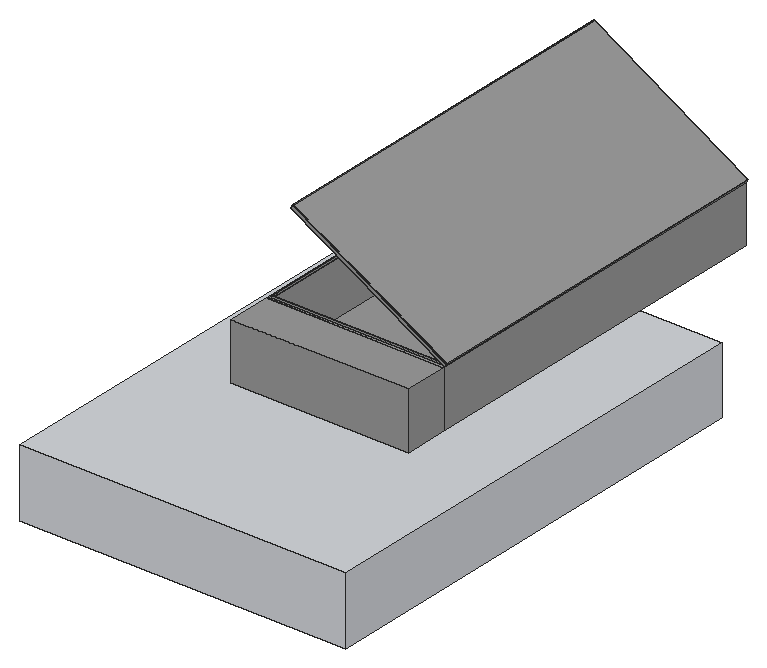
Revit family "Hager-Univers-IP55-D275-H1900-Cl.I-Steel_encl-CH-de", category Equipement électrique, Revit 2020
Family settings
  Hôte = Face
  Configuration du panneau = Deux colonnes, circuits au sein
  Cote de connecteur circulaire = Utiliser le diamètre
  Type d'élément = Tableau de raccordement
  Couper avec des vides une fois chargée = Non
  Partagée = Non
  Point de calcul de pièce = Non
Parameters (values of type "Bodenaufstellung IP55 B800 H1900 T275  - FR13E2")
  Width Control [instance] = if([EF000008 - Breite] > Min Width, [EF000008 - Breite], Min Width)  # 800 mm
  Commentaires du type = [HG000003 - Bereich]  # "Univers"
  Thickness Door [instance] = if([EF009171 - Materialstärke Tür/Deckel] > 3 mm, 3 mm, [EF009171 - Materialstärke Tür/Deckel])  # 1.5 mm
  Seal Frame Offset [instance] = 17 mm  # constant formula
  Plinth Visibility [instance] = [HG000027 - Sockelhöhe] > 0 mm  # yes
  Model = ""
  Min Width [instance] = 100 mm  # constant formula
  Min Height [instance] = 100 mm  # constant formula
  Min Depth [instance] = (2 * [EF009170 - Materialstärke Gehäuse]) + 1 mm  # 4 mm
  Internal Frame Depth [instance] = (Door System Depth * 0.5)  # 9 mm
  Height Control [instance] = if([EF000040 - Höhe] > Min Height, [EF000040 - Höhe], Min Height)  # 1900 mm
  HG000027 - Sockelhöhe = 200 mm
  HG000026 - Stehend auf dem Boden = yes
  HG000024 - Höhe des unteren Teils = 800 mm
  HG000023 - Gehäuse mit doppeltem Querschnitt = no
  HG000016 - 3D-Türsichtbarkeit [instance] = yes
  HG000015 - Sichtbarkeit der Türöffnung [instance] = no
  HG000014 - Tür rechts [instance] = yes
  HG000013 - Tür links [instance] = not([HG000014 - Tür rechts])  # no
  HG000012 - Türschwenkwinkel [instance] = 30.00°
  HG000010 - Asymmetrische Türen = no
  HG000009 - Doppelflügeligen Tür = no
  HG000006 - Unterputz = no
  HG000004 - Herstellerreferenz = "FR13E2"
  HG000003 - Bereich = "Univers"
  HG000002 - Mit tür = yes
  Frame Offset Bottom [instance] = 10 mm  # constant formula
  Frame Offset [instance] = 15 mm  # constant formula
  EF015940 - Deckel mit Überdruckentlastung = no
  EF011959 - Schutzart (NEMA) = ""
  EF009554 - Anzahl der Öffnungen für Flanschplatten = 6
  Fabricant = "Hager"  # constant formula
  EF009212 - Ausführung Deckel = "EV000116 - geschlossen"
  EF009171 - Materialstärke Tür/Deckel = 1.5 mm
  EF009170 - Materialstärke Gehäuse = 1.5 mm
  EF008873 - Nennstrom (In) = 800 A
  EF007800 - Geeignet für Blitzschutz = no
  EF006306 - Mit Schloss = no
  EF006244 - Transparenter Deckel/Tür = no
  EF005474 - Schutzart (IP) = "EV006420 - IP55"
  EF004464 - Art der Tür = "EV002646 - Einzel"
  EF004427 - Anzahl der Module = 396
  EF004293 - Schlagfestigkeit = "EV008784 - IK10"
  EF003532 - Geeignet für Außengebrauch = no
  EF002950 - Breite in Teilungseinheiten = 24
  EF001613 - Funktionserhalt = "EV000494 - ohne"
  EF001596 - Werkstoff des Gehäuses = "EV000179 - Stahl"
  EF001131 - Innentiefe = 275 mm
  EF001088 - Anbaumöglichkeit = yes
  EF000437 - Anzahl der Leitungseinführungen = 6
  EF000339 - Art der Abdeckung = "EV004216 - Tür"
  EF000266 - Anzahl der Reihen = 11
  EF000218 - Einbautiefe = 0 mm
  EF000118 - Mit Montageplatte = no
  EF000116 - RAL-Nummer = "7035"
  EF000049 - Tiefe = 275 mm
  EF000040 - Höhe = 1900 mm
  EF000008 - Breite = 800 mm
  EF000007 - Farbe = "EV000270 - grau"
  EF000003 - Montageart = "EV012274 - Bodenaufstellung"
  Door System Leaf Tolerance [instance] = 1.5 mm  # constant formula
  Door System Depth [instance] = 18 mm  # constant formula
  Door Height [instance] = Height Control - [HG000027 - Sockelhöhe]  # 1700 mm
  Depth Control [instance] = if([EF000049 - Tiefe] > Min Depth, [EF000049 - Tiefe], Min Depth)  # 275 mm
  Default Elevation = 0 mm
  Connector Offset [instance] = Height Control / 2  # 950 mm
  Bottom Top Plate Trim [instance] = 1.5 mm  # constant formula
  Plinth height Ctrl [instance] = if([HG000027 - Sockelhöhe] > 0 mm, [HG000027 - Sockelhöhe], 12 mm)  # 200 mm
Types (5, lengths in mm): name | Width Control | HG000010 - Asymmetrische Türen | HG000009 - Doppelflügeligen Tür | HG000004 - Herstellerreferenz | EF009554 - Anzahl der Öffnungen für Flanschplatten | EF004464 - Art der Tür | EF004427 - Anzahl der Module | EF000437 - Anzahl der Leitungseinführungen | EF000008 - Breite
  Bodenaufstellung IP55 B1050 H1900 T275  - FR14E2 | 1050 | yes | yes | "FR14E2" | 8 | "EV003602 - Doppel" | 528 | 8 | 1050
  Bodenaufstellung IP55 B1300 H1900 T275  - FR15E2 | 1300 | yes | yes | "FR15E2" | 10 | "EV003602 - Doppel" | 660 | 10 | 1300
  Bodenaufstellung IP55 B300 H1900 T275  - FR11E2 | 300 | no | no | "FR11E2" | 2 | "EV002646 - Einzel" | 132 | 2 | 300
  Bodenaufstellung IP55 B550 H1900 T275  - FR12E2 | 550 | no | no | "FR12E2" | 4 | "EV002646 - Einzel" | 264 | 4 | 550
  Bodenaufstellung IP55 B800 H1900 T275  - FR13E2 | 800 | no | no | "FR13E2" | 6 | "EV002646 - Einzel" | 396 | 6 | 800
Reference planes
  plane 1 "Center (Front/Back)": y = 0
  plane 2: z = 0
  plane 3 "Center (Left/Right)": x = 0
  plane 4: z = 275
  plane 5: y = 201.5
  plane 6: y = 1050
  plane 7: y = 200
  plane 8: y = 1900
  plane 9: z = 0
  plane 10: x = -385
  plane 11: x = 385
  plane 12: x = 383.5
  plane 13: x = -383.5
  plane 14: y = 1898.5
  plane 15: x = -383
  plane 16: x = -400
  plane 17: x = 383
  plane 18: x = 400
  plane 19: x = 398.5
  plane 20: x = -398.5
  plane 21: y = 211.5
  plane 22: y = 1900
  plane 23: y = 1883.5
  plane 24: z = 257
  plane 25: z = 1.5
  plane 26: z = 255.5
  plane 27: z = 273.5
Forms (mm)
  Extrusion 1, solid
    sketch origin (0, 0, 0) x (1, 0, 0) y (0, 1, 0)
      loop
        line (-702.964, 1305) -> (-702.964, -811.445) -> (766.763, -811.445) -> (766.763, 1305) -> (-702.964, 1305)
    from 0 to -304.8
  Extrusion 2, solid, material "Hager_Steel_RAL7035_Light_Grey", visible <- "Plinth Visibility", detail levels medium+fine
    sketch origin (0, 0, 0) x (1, 0, 0) y (0, 1, 0)
      loop
        line (-400, 0) -> (400, 0) -> (400, 200) -> (-400, 200) -> (-400, 0)
    from 0 to 257
  Extrusion 3, solid, material "Hager_Steel_RAL7035_Light_Grey", detail levels medium+fine
    sketch origin (0, 0, 0) x (1, 0, 0) y (0, 1, 0)
      loop
        line (-400, 200) -> (400, 200) -> (400, 1900) -> (-400, 1900) -> (-400, 200)
    from 0 to 257
  Extrusion 4, void
    sketch origin (0, 0, 0) x (1, 0, 0) y (0, 1, 0)
      loop
        line (-398.5, 201.5) -> (398.5, 201.5) -> (398.5, 1898.5) -> (-398.5, 1898.5) -> (-398.5, 201.5)
    from 1.5 to 255.5
  Extrusion 5, void
    sketch origin (-381.607, -4572, 257) x (0, -1, 0) y (-1, 0, 0)
      loop
        line (-4783.5, 1.893) -> (-6455.5, 1.893) -> (-6455.5, -765.107) -> (-4783.5, -765.107) -> (-4783.5, 1.893)
    from 0 to 1.5 <- "EF009170 - Materialstärke Gehäuse"
  Extrusion 6, solid, material "Hager_Steel_RAL7035_Light_Grey", detail levels fine
    sketch origin (0, 0, 257) x (1, 0, 0) y (0, 1, 0)
      loop
        line (-383.5, 1883.5) -> (-383.5, 211.5) -> (383.5, 211.5) -> (383.5, 1883.5) -> (-383.5, 1883.5)
      loop
        line (-385, 210) -> (385, 210) -> (385, 1885) -> (-385, 1885) -> (-385, 210)
    from 0 to 9 <- "Internal Frame Depth"
  Extrusion 7, solid, material "Hager_Steel_RAL7035_Light_Grey", detail levels coarse
    sketch origin (0, 0, 0) x (1, 0, 0) y (0, 1, 0)
      loop
        line (-400, 0) -> (400, 0) -> (400, 1900) -> (-400, 1900) -> (-400, 0)
    from 0 to 275
  Sweep 8, void
    path in 3D
      loop
        line (-400, 200, 0) -> (400, 200, 0) -> (400, 200, 257) -> (-400, 200, 257) -> (-400, 200, 0)
    profile origin (-400, 200, 128.5) x (-1, 0, 0) y (0, -1, 0)
      loop
        line (0, 0) -> (0, 1.5) -> (-1.5, 1.5)
        arc (-1.5, 1.5) -> (-1.061, 0.439) -> (0, 0) r 1.5
Cuts and joins
  Extrusion 4, Extrusion 5 cuts Extrusion 3
  Sweep 8 cuts Extrusion 2
Lines and regions (mm)
  Masking region 1
    outline origin (0, 0, 0) x (1, 0, 0) y (0, 0, 1)
      loop
        line (-400, 275) -> (-400, 0) -> (400, 0) -> (400, 275) -> (-400, 275)
  Masking region 2, detail levels medium+fine
    outline origin (0, 140, 0) x (0, 1, 0) y (0, 0, 1)
      loop
        line (60, 0) -> (1760, 0) -> (1760, 257) -> (60, 257) -> (60, 0)
  Masking region 3, not visible, detail levels medium+fine
    outline origin (0, 297.922, 0) x (0, 1, 0) y (0, 0, 1)
      loop
        line (763.578, 0) -> (803.578, 0) -> (803.578, 263.5)
        arc (803.578, 263.5) -> (800.649, 270.571) -> (793.578, 273.5) r 10
        line (793.578, 273.5) -> (763.578, 273.5) -> (763.578, 0)
  Masking region 4, detail levels coarse
    outline origin (0, 0, 180) x (0, 1, 0) y (0, 0, 1)
      loop
        line (0, -180) -> (1900, -180) -> (1900, 95) -> (0, 95) -> (0, -180)
  Masking region 5, visible <- "Plinth Visibility", detail levels medium+fine
    outline origin (0, 52.24, 12.345) x (0, 0, -1) y (0, 1, 0)
      loop
        line (10.845, 147.76) -> (-243.155, 147.76)
        arc (-243.155, 147.76) -> (-243.594, 146.699) -> (-244.655, 146.26) r 1.5
        line (-244.655, 146.26) -> (-244.655, -52.24) -> (12.345, -52.24) -> (12.345, 146.26)
        arc (12.345, 146.26) -> (11.285, 146.699) -> (10.845, 147.76) r 1.5
  Masking region 6, detail levels medium+fine
    outline origin (-381.607, -4572, 257) x (-1, 0, 0) y (0, -1, 0)
      loop
        line (18.393, -6472) -> (18.393, -4772) -> (-781.607, -4772) -> (-781.607, -6472) -> (18.393, -6472)
  Masking region 7, visible <- "Plinth Visibility", detail levels medium+fine
    outline origin (-381.607, -4727, 257) x (-1, 0, 0) y (0, -1, 0)
      loop
        arc (16.893, -4927) -> (17.332, -4925.939) -> (18.393, -4925.5) r 1.5
        line (18.393, -4925.5) -> (18.393, -4727) -> (-781.607, -4727) -> (-781.607, -4925.5)
        arc (-781.607, -4925.5) -> (-780.546, -4925.939) -> (-780.107, -4927) r 1.5
        line (-780.107, -4927) -> (16.893, -4927)
  Masking region 8, detail levels coarse
    outline origin (-442.548, -4669.526, 257) x (-1, 0, 0) y (0, -1, 0)
      loop
        line (-42.548, -6569.526) -> (-42.548, -4669.526) -> (-842.548, -4669.526) -> (-842.548, -6569.526) -> (-42.548, -6569.526)
  sketch lines
    curve 1: line (-400, 200, 257) -> (-400, 200, 0)
    curve 2: line (400, 200, 257) -> (-400, 200, 257)
    curve 3: line (400, 200, 257) -> (400, 200, 0)
    curve 4: line (-400, 200, 0) -> (400, 200, 0)
Dimensions and locks
  "Depth Control": plane 4 to Extrusion 1
  "HG000027 - Sockelhöhe": plane 1 "Center (Front/Back)" to plane 7
  "EF009170 - Materialstärke Gehäuse": plane 5 to plane 7
  locked: connector elem to plane 3 "Center (Left/Right)"
  equal spacing: plane 8, plane 6, plane 7
  locked: connector elem to plane 6
  "EF009170 - Materialstärke Gehäuse": plane 8 to plane 14
  "EF009170 - Materialstärke Gehäuse": plane 10 to plane 13
  "EF009170 - Materialstärke Gehäuse": plane 12 to plane 11
  "Frame Offset": plane 20 to plane 13
  "Frame Offset": plane 12 to plane 19
  "EF009170 - Materialstärke Gehäuse": plane 16 to plane 20
  "EF009170 - Materialstärke Gehäuse": plane 19 to plane 18
  "Seal Frame Offset": plane 16 to plane 15
  "Seal Frame Offset": plane 17 to plane 18
  "Frame Offset Bottom": plane 21 to plane 5
  "Frame Offset": plane 14 to plane 23
  equal spacing: plane 16, plane 3 "Center (Left/Right)", plane 18
  "Width Control": plane 16 to plane 18
  "EF009170 - Materialstärke Gehäuse": plane 4 to plane 27
  "EF009170 - Materialstärke Gehäuse": plane 24 to plane 26
  "EF009170 - Materialstärke Gehäuse": plane 25 to level
  "Door System Depth": plane 4 to plane 24
  "Height Control": plane 1 "Center (Front/Back)" to Extrusion 7 sketch curve
  "Height Control": Masking region 4 sketch curve to plane 1 "Center (Front/Back)"
  "Height Control": plane 1 "Center (Front/Back)" to plane 22
  "Bottom Top Plate Trim": profile plane to Sweep 8 sketch curve
  "Bottom Top Plate Trim": Sweep 8 sketch curve to profile plane
  "Plinth height Ctrl": plane 1 "Center (Front/Back)" to Extrusion 2 sketch curve
  "Plinth height Ctrl": Masking region 5 sketch curve to plane 1 "Center (Front/Back)"
  "Plinth height Ctrl": plane 1 "Center (Front/Back)" to Masking region 7 sketch curve
  "Thickness Door": Extrusion 6 sketch curve to Extrusion 6 sketch curve  (x3)
  "Thickness Door": cut or joined group of Extrusion 3, Extrusion 4, Extrusion 5 to Extrusion 6 sketch curve
  radius of Masking region 3 sketch curve = 10 mm
  "Bottom Top Plate Trim": radius of Masking region 5 sketch curve  (x2)
  "Bottom Top Plate Trim": radius of Sweep 8 sketch curve
  "Bottom Top Plate Trim": radius of Masking region 7 sketch curve  (x2)
  aligned and locked: plane 2 to Extrusion 1
  aligned and locked: level to Extrusion 1
  aligned and locked: level to Masking region 1 sketch curve
  aligned and locked: Masking region 1 sketch curve to plane 18
  aligned and locked: Masking region 1 sketch curve to plane 16
  aligned and locked: plane 7 to Masking region 2 sketch curve
  aligned and locked: level to Masking region 3 sketch curve
  aligned and locked: Masking region 3 sketch curve to plane 27
  aligned and locked: level to Masking region 2 sketch curve
  aligned and locked: plane 1 "Center (Front/Back)" to Extrusion 2 sketch curve
  aligned and locked: Extrusion 3 sketch curve to plane 7
  aligned and locked: plane 16 to Extrusion 3 sketch curve
  aligned and locked: plane 18 to Extrusion 3 sketch curve
  aligned and locked: plane 20 to Extrusion 4 sketch curve
  aligned and locked: plane 19 to Extrusion 4 sketch curve
  aligned and locked: Extrusion 4 sketch curve to plane 5
  aligned and locked: Extrusion 4 to plane 25
  aligned and locked: plane 26 to Extrusion 4
  aligned and locked: plane 24 to Extrusion 3
  aligned and locked: Extrusion 5 sketch curve to plane 21
  aligned and locked: Extrusion 5 sketch curve to plane 13
  aligned and locked: Extrusion 5 sketch curve to plane 12
  aligned and locked: plane 18 to Extrusion 7 sketch curve
  aligned and locked: plane 1 "Center (Front/Back)" to Extrusion 7 sketch curve
  aligned and locked: plane 16 to Extrusion 7 sketch curve
  aligned and locked: plane 4 to Extrusion 7
  aligned and locked: Extrusion 7 to level
  aligned and locked: level to Masking region 4 sketch curve
  aligned and locked: Masking region 4 sketch curve to plane 1 "Center (Front/Back)"
  aligned and locked: Masking region 4 sketch curve to plane 4
  aligned and locked: nested 1 to level
  aligned and locked: nested 1 to plane 16
  aligned and locked: plane 8 to Extrusion 3 sketch curve
  aligned and locked: plane 23 to Extrusion 5 sketch curve
  aligned and locked: plane 14 to Extrusion 4 sketch curve
  aligned and locked: Masking region 2 sketch curve to plane 8
  aligned and locked: level to Masking region 5 sketch curve
  aligned and locked: plane 16 to Extrusion 2 sketch curve
  aligned and locked: plane 18 to Extrusion 2 sketch curve
  aligned and locked: Masking region 5 sketch curve to plane 24
  aligned and locked: Masking region 2 sketch curve to plane 24
  aligned and locked: plane 24 to Extrusion 2
  aligned and locked: profile plane to Sweep 8 sketch curve  (x2)
  aligned and locked: Masking region 6 sketch curve to plane 18
  aligned and locked: Masking region 6 sketch curve to plane 22
  aligned and locked: Masking region 6 sketch curve to plane 16
  aligned and locked: plane 8 to plane 22
  aligned and locked: Masking region 6 sketch curve to plane 7
  aligned and locked: Masking region 7 sketch curve to plane 16
  aligned and locked: Masking region 7 sketch curve to plane 1 "Center (Front/Back)"
  aligned and locked: Masking region 7 sketch curve to plane 18
  aligned and locked: Masking region 8 sketch curve to plane 1 "Center (Front/Back)"
  aligned and locked: Masking region 8 sketch curve to plane 18
  aligned and locked: Masking region 8 sketch curve to plane 22
  aligned and locked: Masking region 8 sketch curve to plane 16
  aligned and locked: nested 2 to plane 7
  aligned and locked: plane 3 "Center (Left/Right)" to nested 2
  aligned and locked: nested 2 to plane 24
  aligned and locked: Extrusion 6 sketch curve to cut or joined group of Extrusion 3, Extrusion 4, Extrusion 5  (x4)
Automatic sketch dimensions
  Extrusion 1 sketch curve to Extrusion 1 sketch curve = 1469.727 mm
  Extrusion 1 sketch curve to Extrusion 1 sketch curve = 2116.445 mm
  Masking region 1 sketch curve to plane 4 = 0 mm
  plane 6 to Masking region 3 sketch curve = 11.5 mm
  Masking region 3 sketch curve to Masking region 3 sketch curve = 30 mm
  Masking region 5 sketch curve to plane 1 "Center (Front/Back)" = 0 mm
Nested families
  nested 1: "Hager_Enclosure_Symbol" at (-400, 0, 0) x (1, 0, 0) z (0, -1, 0), Height <- "Depth Control", Width <- "Width Control", type "Hager_Enclosure_Symbol"
    with Width_Ctrl 800 mm, Width 800 mm, Height_Ctrl 275 mm, Height 275 mm, A_Width_Int 18.047 mm, A_Width 216.562 mm, A_Height_Ctrl 240.625 mm, A_Height 240.625 mm
  nested 2: "EC000058_Univers_Door" at (0, 200, 257) x (1, 0, 0) z (0, 1, 0), Leaf_Tolerance <- "Door System Leaf Tolerance", Angle <- "HG000012 - Türschwenkwinkel", Door_Depth <- "Door System Depth", Door_Left <- "HG000013 - Tür links", Transparent <- "EF006244 - Transparenter Deckel/Tür", Assymetrical <- "HG000010 - Asymmetrische Türen", Width <- "Width Control", Clearance <- "HG000015 - Sichtbarkeit der Türöffnung", Double <- "HG000009 - Doppelflügeligen Tür", 3d_Door <- "HG000016 - 3D-Türsichtbarkeit", Lock_Visibility <- "EF006306 - Mit Schloss", Width_Ctrl <- "Width Control", Door_Right <- "HG000014 - Tür rechts", Door <- "HG000002 - Mit tür", Height <- "Door Height", Thickness <- "Thickness Door", type "EC000058_Univers_Door", detail levels medium+fine
    with min_wh 4 mm, Width_Ctrl 800 mm, Width 800 mm, Transparent no, Thickness 1.5 mm, Seal_Material Hager_Rubber, Lock_Visibility no, Lock_Material Hager_Plastic_RAL9005_Jet_Black, Leaf_Width 800 mm, Leaf_Tolerance_External_Sides 0 mm, Leaf_Tolerance 1.5 mm, Leaf_Offset 0 mm, Leaf_Height 1697 mm, Leaf_2_Width 800 mm, Leaf_2_Offset 400 mm, Leaf_1_Width 800 mm, Leaf_1_Offset 400 mm, Height_Ctrl 1700 mm, Height 1700 mm, Glass_Material Hager_Glass, Double_Clearance_Ctrl no, Double no, Door_Right_Ctrl yes, Door_Right yes, Door_Material Hager_Steel_RAL7035_Light_Grey, Door_Left_Ctrl no, Door_Left no, Door_Depth 18 mm, Door yes, Clearance_Material Hager_Clearance, Clearance_Depth 800 mm, Clearance_Ctrl no, Clearance no, Assymetrical no, Angle 30.00°, 3d_Door yes
Connectors
  electrical at (0, 1050, 0)
    settings: on plane 9, index 1, voltage 0 V, apparent load 0 VA, apparent load phase1 0 VA, apparent load phase2 0 VA, apparent load phase3 0 VA, power factor 1, load classification "Other", number of poles 1, system type 30, power factor state 1, is connector primary yes, connector utility no, sub classification motor no, connector description ""
Definition of nested family "EC000058_Univers_Door"
  Parameters (values of type "EC000058_Univers_Door")
    min_wh [instance] = (2 * Thickness) + 1 mm  # 11 mm
    Width_Ctrl [instance] = 400 mm
    Width [instance] = 500 mm
    Transparent [instance] = yes
    Thickness [instance] = 5 mm
    Seal_Material [instance] = none
    Lock_Visibility [instance] = yes
    Lock_Material [instance] = none
    Leaf_Width [instance] = if((Width_Ctrl - 2 * Leaf_Tolerance_External_Sides) > 0 mm, (Width_Ctrl - 2 * Leaf_Tolerance_External_Sides), min_wh)  # 400 mm
    Leaf_Tolerance_External_Sides [instance] = 0 mm  # constant formula
    Leaf_Tolerance [instance] = 1.5 mm
    Leaf_Offset [instance] = 0 mm  # constant formula
    Leaf_Height [instance] = if((Height_Ctrl - 2 * Leaf_Tolerance) > 0 mm, (Height_Ctrl - 2 * Leaf_Tolerance), min_wh)  # 497 mm
    Leaf_2_Width [instance] = if(and(and(Double, Assymetrical), Door_Left), (Leaf_Width / 3) - (Leaf_Tolerance / 2), if(and(and(Double, Assymetrical), Door_Right), (Leaf_Width / 3) * 2 - (Leaf_Tolerance / 2), if(and(Double, not(Assymetrical)), (Leaf_Width / 2) - Leaf_Tolerance, Leaf_Width)))  # 400 mm
    Leaf_2_Offset [instance] = if(and(Double, Assymetrical), Leaf_2_Width / 2, if(and(Double, not(Assymetrical)), Leaf_Width / 4, Leaf_Width / 2))  # 200 mm
    Leaf_1_Width [instance] = if(and(and(Double, Assymetrical), Door_Right), (Leaf_Width / 3) - (Leaf_Tolerance / 2), if(and(and(Double, Assymetrical), Door_Left), (Width / 3) * 2 - (Leaf_Tolerance / 2), if(and(Double, not(Assymetrical)), (Leaf_Width / 2) - Leaf_Tolerance, Leaf_Width)))  # 400 mm
    Leaf_1_Offset [instance] = if(and(Double, Assymetrical), Leaf_1_Width / 2, if(and(Double, not(Assymetrical)), Leaf_Width / 4, Leaf_Width / 2))  # 200 mm
    Height_Ctrl [instance] = if(Height > min_wh, Height, min_wh)  # 500 mm
    Height [instance] = 500 mm
    Glass_Material [instance] = none
    Double_Clearance_Ctrl [instance] = and(Double, Clearance)  # no
    Double [instance] = no
    Door_Right_Ctrl [instance] = and(or(Door_Right, Double), Door)  # yes
    Door_Right [instance] = yes
    Door_Material [instance] = none
    Door_Left_Ctrl [instance] = and(or(Door_Left, Double), Door)  # no
    Door_Left [instance] = no
    Door_Depth [instance] = 30 mm
    Door [instance] = yes
    Default Elevation = 1219.2 mm
    Clearance_Material [instance] = none
    Clearance_Depth [instance] = if(Leaf_1_Width > Leaf_2_Width, Leaf_1_Width, Leaf_2_Width)  # 400 mm
    Clearance_Ctrl [instance] = and(not(Double), Clearance)  # yes
    Clearance [instance] = yes
    Assymetrical [instance] = yes
    Angle [instance] = 30.00°
    3d_Door [instance] = yes
  Reference planes
    plane 1 "Center (Front/Back)": y = 0
    plane 2 "Bottom": z = 0
    plane 3 "Center (Left/Right)": x = 0
    plane 4: z = 500
    plane 5: x = -200
    plane 6: x = 200
    plane 7: z = 500
    plane 8: x = -200
    plane 9: z = 0
    plane 10: x = 200
    plane 11: y = 0
    plane 12: z = 1.5
    plane 13: x = -600
    plane 14: y = -400
    plane 15: x = 600
    plane 16: x = 0
    plane 17: x = 0
    plane 18: x = -200
    plane 19: x = 200
    plane 20: z = 498.5
  Forms (mm)
    Extrusion 1, solid, material <- "Clearance_Material", visible <- "Double_Clearance_Ctrl"
      sketch origin (1200, 0, 0) x (1, 0, 0) y (0, 0, -1)
        loop
          line (-1800, -498.5) -> (-600, -498.5) -> (-600, 0) -> (-1800, 0) -> (-1800, -498.5)
      from 0 to -400
  Dimensions and locks
    equal spacing: plane 5, plane 3 "Center (Left/Right)", plane 6
    "Width_Ctrl": plane 5 to plane 6
    "Leaf_Offset": plane 5 to plane 8
    "Leaf_Offset": plane 6 to plane 10
    "Leaf_Offset": plane 9 to level
    "Leaf_Offset": plane 4 to plane 7
    "Height_Ctrl": plane 4 to level
    "Leaf_Tolerance": plane 12 to plane 9
    locked: plane 11 to plane 1 "Center (Front/Back)"
    "Leaf_1_Offset": plane 18 to plane 16
    "Leaf_2_Offset": plane 17 to plane 19
    "Leaf_1_Width": plane 13 to plane 8
    "Leaf_2_Width": plane 10 to plane 15
    "Clearance_Depth": plane 14 to plane 1 "Center (Front/Back)"
    "Leaf_Tolerance_External_Sides": plane 8 to plane 18
    "Leaf_Tolerance_External_Sides": plane 19 to plane 10
    "Leaf_Tolerance": plane 7 to plane 20
    aligned and locked: level to plane 2 "Bottom"
    aligned and locked: nested 1 to plane 16
    aligned and locked: nested 2 to plane 17
    aligned and locked: Extrusion 1 to plane 13
    aligned and locked: plane 15 to Extrusion 1
    aligned and locked: Extrusion 1 to plane 14
    aligned and locked: plane 12 to nested 1
    aligned and locked: nested 2 to plane 12
    aligned and locked: Extrusion 1 to plane 11
    aligned and locked: plane 20 to Extrusion 1
    aligned and locked: nested 2 to plane 11
    aligned and locked: nested 1 to plane 11
  Automatic sketch dimensions
    Extrusion 1 sketch curve to level = 0 mm
    plane 5 to Extrusion 1 sketch curve = 400 mm
    plane 6 to Extrusion 1 sketch curve = 400 mm
    Extrusion 1 sketch curve to plane 4 = 1.5 mm
  Nested families
    nested 1: "EC000058_Univers_Door_Leaf" at (0, 0, 1.5), Width <- "Leaf_1_Width", visible <- "Door_Left_Ctrl", Leaf_Height <- "Leaf_Height", Angle <- "Angle", 3d_Door <- "3d_Door", Transparent <- "Transparent", Clearance Material <- "Clearance_Material", Clearance <- "Clearance_Ctrl", Door_Material <- "Door_Material", Glass_Material <- "Glass_Material", Door_Depth <- "Door_Depth", Lock_Material <- "Lock_Material", Seal_Material <- "Seal_Material", Lock_Visibility <- "Lock_Visibility", Thickness <- "Thickness", type "EC000058_Univers_Door_Leaf"
      with Width 400 mm, Transparent_Glass_Offset 30 mm, Transparent_Ctrl yes, Transparent yes, Thickness 5 mm, Standard no, Seal_Material none, Seal_D2 8 mm, Seal_D1 1 mm, Offset_Internal_Frame 10 mm, Lock_Width 20 mm, Lock_Visibility_3d yes, Lock_Visibility yes, Lock_Thickness_3 3 mm, Lock_Thickness_2 1 mm, Lock_Thickness_1 3 mm, Lock_Radius_Offset_2 16 mm, Lock_Radius_Offset_1 15 mm, Lock_Radius_2 5 mm, Lock_Radius 6 mm, Lock_Offset 5 mm, Lock_Material none, Lock_Height 80 mm, Lock_Cover_Top_Offset_2d 17 mm, Lock_Cover_Height -65 mm, Leaf_Height 497 mm, Internal_Seal_Thickness 8 mm, Internal_Seal_Depth_2 4.5 mm, Internal_Frame_Depth 25 mm, Glass_Thickness -1 mm, Glass_Offset -2 mm, Glass_Material none, Door_Material none, Door_Depth 30 mm, Clearance Material none, Clearance yes, Angle_Ctrl 30.00°, Angle 30.00°, 3d_Door yes
    nested 2: "EC000058_Univers_Door_Leaf" at (0, 0, 1.5) x (-1, 0, 0) z (0, 0, 1), Width <- "Leaf_2_Width", visible <- "Door_Right_Ctrl", Leaf_Height <- "Leaf_Height", Angle <- "Angle", 3d_Door <- "3d_Door", Transparent <- "Transparent", Clearance Material <- "Clearance_Material", Clearance <- "Clearance_Ctrl", Door_Material <- "Door_Material", Glass_Material <- "Glass_Material", Door_Depth <- "Door_Depth", Lock_Material <- "Lock_Material", Seal_Material <- "Seal_Material", Lock_Visibility <- "Lock_Visibility", Thickness <- "Thickness", type "EC000058_Univers_Door_Leaf"
      with Width 400 mm, Transparent_Glass_Offset 30 mm, Transparent_Ctrl yes, Transparent yes, Thickness 5 mm, Standard no, Seal_Material none, Seal_D2 8 mm, Seal_D1 1 mm, Offset_Internal_Frame 10 mm, Lock_Width 20 mm, Lock_Visibility_3d yes, Lock_Visibility yes, Lock_Thickness_3 3 mm, Lock_Thickness_2 1 mm, Lock_Thickness_1 3 mm, Lock_Radius_Offset_2 16 mm, Lock_Radius_Offset_1 15 mm, Lock_Radius_2 5 mm, Lock_Radius 6 mm, Lock_Offset 5 mm, Lock_Material none, Lock_Height 80 mm, Lock_Cover_Top_Offset_2d 17 mm, Lock_Cover_Height -65 mm, Leaf_Height 497 mm, Internal_Seal_Thickness 8 mm, Internal_Seal_Depth_2 4.5 mm, Internal_Frame_Depth 25 mm, Glass_Thickness -1 mm, Glass_Offset -2 mm, Glass_Material none, Door_Material none, Door_Depth 30 mm, Clearance Material none, Clearance yes, Angle_Ctrl 30.00°, Angle 30.00°, 3d_Door yes
  Definition of nested family "EC000058_Univers_Door_Leaf"
    Parameters (values of type "EC000058_Univers_Door_Leaf")
      Width [instance] = 2000 mm
      Transparent_Glass_Offset [instance] = 30 mm
      Transparent_Ctrl [instance] = and(Transparent, [3d_Door])  # yes
      Transparent [instance] = yes
      Thickness [instance] = 5 mm
      Standard [instance] = and(not(Transparent), [3d_Door])  # no
      Seal_Material [instance] = none
      Seal_D2 [instance] = 8 mm  # constant formula
      Seal_D1 [instance] = 1 mm  # constant formula
      Offset_Internal_Frame [instance] = 10 mm  # constant formula
      Lock_Width [instance] = 20 mm  # constant formula
      Lock_Visibility_3d [instance] = and(Lock_Visibility, [3d_Door])  # yes
      Lock_Visibility [instance] = yes
      Lock_Thickness_3 [instance] = 3 mm  # constant formula
      Lock_Thickness_2 [instance] = 1 mm  # constant formula
      Lock_Thickness_1 [instance] = 3 mm  # constant formula
      Lock_Radius_Offset_2 [instance] = Lock_Radius_Offset_1 + 1 mm  # 16 mm
      Lock_Radius_Offset_1 [instance] = 15 mm  # constant formula
      Lock_Radius_2 [instance] = Lock_Radius - 1 mm  # 5 mm
      Lock_Radius [instance] = 6 mm  # constant formula
      Lock_Offset [instance] = 5 mm  # constant formula
      Lock_Material [instance] = none
      Lock_Height [instance] = 80 mm  # constant formula
      Lock_Cover_Top_Offset_2d [instance] = Lock_Radius_Offset_2 + 1 mm  # 17 mm
      Lock_Cover_Height [instance] = -(Lock_Height - Lock_Radius_Offset_1)  # -65 mm
      Leaf_Height [instance] = 2720.336 mm
      Internal_Seal_Thickness [instance] = 8 mm  # constant formula
      Internal_Seal_Depth_2 [instance] = 4.5 mm  # constant formula
      Internal_Frame_Depth [instance] = if(Door_Depth - Thickness > 5 mm, Door_Depth - Thickness, 5 mm)  # 25 mm
      Glass_Thickness [instance] = if(Thickness > 15 mm, Glass_Offset + 10 mm, -1 mm)  # -1 mm
      Glass_Offset [instance] = if(Thickness > 15 mm, -(Thickness + 10 mm) / 2, -2 mm)  # -2 mm
      Glass_Material [instance] = none
      Door_Material [instance] = none
      Door_Depth [instance] = 30 mm
      Default Elevation = 0 mm
      Clearance Material [instance] = none
      Clearance [instance] = yes
      Angle_Ctrl [instance] = if(Angle > 180.00°, 180.00°, Angle)  # 90.00°
      Angle [instance] = 90.00°
      3d_Door [instance] = yes
    Reference planes
      plane 1 "Center (Front/Back)": y = 0
      plane 2: z = 0
      plane 3 "Center (Left/Right)": x = 0
      plane 4: y = 2000
      plane 5: x = -1000
      plane 6: x = 1000
      plane 7: x = -3000
      plane 8: z = 2720.336
      plane 9: z = 30
      plane 10: z = 2690.336
      plane 11: x = 970
      plane 12: x = -970
      plane 13: y = -3
      plane 14: z = 107.833
      plane 15: y = -5
      plane 16: y = -223.314
      plane 17: x = -1000
      plane 18: z = 1360.168
      plane 19: y = 30
    Forms (mm)
      Extrusion 1, solid, material <- "Clearance Material", visible <- "Clearance"
        sketch origin (0, 0, 0) x (1, 0, 0) y (0, 0, 1)
          loop
            line (-3000, 2720.336) -> (-3000, 0) -> (1000, 0) -> (1000, 2720.336) -> (-3000, 2720.336)
        from 0 to -2000
      Extrusion 2, solid, material <- "Door_Material", visible <- "Standard", detail levels medium+fine
        sketch origin (-1000, 0, 0) x (0, 1, 0) y (-1, 0, 0)
          loop
            line (0, 30) -> (0, 25) -> (2000, 25) -> (2000, 30) -> (0, 30)
        from 0 to 2720.336 <- "Leaf_Height"
      Extrusion 3, solid, material <- "Door_Material", visible <- "Transparent_Ctrl", detail levels medium+fine
        sketch origin (-1000, 0, 0) x (0, 1, 0) y (-1, 0, 0)
          loop
            line (0, 25) -> (2000, 25) -> (2000, 30) -> (0, 30) -> (0, 25)
        from 0 to 2720.336 <- "Leaf_Height"
      Extrusion 4, void
        sketch origin (-1025, 2000, 0) x (0, 1, 0) y (0, 0, -1)
          loop
            line (-30, -2690.336) -> (-30, -30) -> (-1970, -30) -> (-1970, -2690.336) -> (-30, -2690.336)
        from 0 to 5 <- "Thickness"
      Sweep 5, solid, material <- "Seal_Material", visible <- "Transparent_Ctrl", detail levels fine
        path in 3D
          loop
            line (-1025, 30, 30) -> (-1025, 30, 2690.336) -> (-1025, 1970, 2690.336) -> (-1025, 1970, 30) -> (-1025, 30, 30)
        profile origin (-1025, 1000, 30) x (1, 0, 0) y (0, 0, 1)
          loop
            line (0, 0) -> (0, -8) -> (1, -8) -> (1, 0) -> (0, 0)
      Extrusion 6, solid, material <- "Glass_Material", visible <- "Transparent_Ctrl", detail levels medium+fine
        sketch origin (-1030, 0, 0) x (0, 1, 0) y (0, 0, -1)
          loop
            line (1970, -2690.336) -> (1970, -30) -> (30, -30) -> (30, -2690.336) -> (1970, -2690.336)
        from -2 <- "Glass_Offset" to -1 <- "Glass_Thickness"
      Extrusion 7, solid, material <- "Door_Material", visible <- "3d_Door", detail levels medium+fine
        sketch origin (-1025, 2000, 0) x (0, -1, 0) y (0, 0, -1)
          loop
            line (0, -2720.336) -> (2000, -2720.336) -> (2000, 0) -> (0, 0) -> (0, -2720.336)
          loop
            line (1995, -5) -> (5, -5) -> (5, -2715.336) -> (1995, -2715.336) -> (1995, -5)
        from 0 to 25 <- "Internal_Frame_Depth"
      Sweep 8, solid, material <- "Seal_Material", visible <- "Transparent_Ctrl", detail levels fine
        path in 3D
          loop
            line (-1025, 0, 0) -> (-1025, 2000, 0) -> (-1025, 2000, 2720.336) -> (-1025, 0, 2720.336) -> (-1025, 0, 0)
        profile origin (-1025, 0, 1360.168) x (1, 0, 0) y (0, 1, 0)
          loop
            line (0, 10) -> (2.975, 10)
            arc (2.975, 10) -> (4.053, 10.447) -> (4.5, 11.525) r 1.525
            line (4.5, 11.525) -> (4.5, 16.527)
            arc (4.5, 16.527) -> (4.069, 17.569) -> (3.027, 18) r 1.473
            line (3.027, 18) -> (0, 18) -> (0, 10)
      Extrusion 9, solid, material <- "Lock_Material", visible <- "Lock_Visibility_3d", detail levels fine
        sketch origin (-1030, 0, 0) x (0, 1, 0) y (0, 0, -1)
          loop
            arc (1993.5, -1400.168) -> (1994.561, -1399.729) -> (1995, -1398.668) r 1.5
            line (1995, -1398.668) -> (1995, -1320.168) -> (1975, -1320.168) -> (1975, -1398.668)
            arc (1975, -1398.668) -> (1975.439, -1399.729) -> (1976.5, -1400.168) r 1.5
            line (1976.5, -1400.168) -> (1993.5, -1400.168)
        from 3 <- "Lock_Thickness_1" to 0
      Blend 10, solid, material <- "Lock_Material", visible <- "Lock_Visibility_3d", detail levels fine
        base sketch origin (-1033, 0, 0) x (0, 1, 0) y (0, 0, -1)
          loop
            line (1975, -1320.168) -> (1975, -1398.668)
            arc (1975, -1398.668) -> (1975.439, -1399.729) -> (1976.5, -1400.168) r 1.5
            line (1976.5, -1400.168) -> (1993.5, -1400.168)
            arc (1993.5, -1400.168) -> (1994.561, -1399.729) -> (1995, -1398.668) r 1.5
            line (1995, -1398.668) -> (1995, -1320.168) -> (1975, -1320.168)
        top sketch origin (-1033, 0, 0) x (0, 1, 0) y (0, 0, -1)
          loop
            line (1976, -1320.168) -> (1976, -1398.668)
            arc (1976, -1398.668) -> (1976.146, -1399.022) -> (1976.5, -1399.168) r 0.5
            line (1976.5, -1399.168) -> (1993.5, -1399.168)
            arc (1993.5, -1399.168) -> (1993.854, -1399.022) -> (1994, -1398.668) r 0.5
            line (1994, -1398.668) -> (1994, -1320.168) -> (1976, -1320.168)
        from 0 to 1 <- "Lock_Thickness_2"
      Blend 11, solid, material <- "Lock_Material", visible <- "Lock_Visibility_3d", detail levels fine
        base sketch origin (-1034, 0, 0) x (0, 1, 0) y (0, 0, -1)
          loop
            line (1978, -1320.168) -> (1978, -1384.168)
            arc (1978, -1384.168) -> (1985, -1391.168) -> (1992, -1384.168) r 7
            line (1992, -1384.168) -> (1992, -1320.168) -> (1978, -1320.168)
        top sketch origin (-1034, 0, 0) x (0, 1, 0) y (0, 0, -1)
          loop
            line (1991, -1320.168) -> (1979, -1320.168) -> (1979, -1383.168)
            arc (1979, -1383.168) -> (1985, -1389.168) -> (1991, -1383.168) r 6
            line (1991, -1383.168) -> (1991, -1320.168)
        from 0 to 3 <- "Lock_Thickness_3"
      Extrusion 12, solid, material <- "Lock_Material", visible <- "Lock_Visibility_3d", detail levels fine
        sketch origin (-1030, 1975, 1320.168) x (1, 0, 0) y (0, -1, 0)
          loop
            line (-7, -19) -> (-7, -1) -> (0, -1) -> (0, 0) -> (-8, 0) -> (-8, -20) -> (0, -20) -> (0, -19) -> (-7, -19)
        from 0 to -65 <- "Lock_Cover_Height"
      Extrusion 13, void
        sketch origin (-1038, 1995, 1320.168) x (-1, 0, 0) y (0, 0, -1)
          loop
            line (-5, -65) -> (0, -65) -> (-5, -60) -> (-5, -65)
        from 0 to 20 <- "Lock_Width"
      Extrusion 14, void
        sketch origin (-1038, 1975, 1320.168) x (0, -1, 0) y (0, 0, -1)
          loop
            circle (-10, -15.995) r 6
          loop
            circle (-10, -15.995) r 5
        from 0 to 2
      Extrusion 15, solid, material <- "Lock_Material", visible <- "Lock_Visibility_3d", detail levels medium
        sketch origin (-1030, 0, 0) x (0, 1, 0) y (0, 0, -1)
          loop
            arc (1993.5, -1400.168) -> (1994.561, -1399.729) -> (1995, -1398.668) r 1.5
            line (1995, -1398.668) -> (1995, -1320.168) -> (1975, -1320.168) -> (1975, -1398.668)
            arc (1975, -1398.668) -> (1975.439, -1399.729) -> (1976.5, -1400.168) r 1.5
            line (1976.5, -1400.168) -> (1993.5, -1400.168)
        from 8 to 0
    Cuts and joins
      Extrusion 4 cuts Extrusion 3
      Extrusion 13, Extrusion 14 cuts Extrusion 9
      Extrusion 14 cuts Blend 11
      Extrusion 13, Extrusion 14 cuts Extrusion 12
      joined: Extrusion 9, Blend 10, Blend 11, Extrusion 12
      Extrusion 14 cuts Extrusion 15
    Lines and regions (mm)
      Masking region 1, visible <- "Lock_Visibility", detail levels fine
        outline origin (0, 0, 0) x (0, 1, 0) y (0, 0, 1)
          loop
            line (30, 1320.168) -> (33, 1320.168) -> (33, 1400.168) -> (30, 1400.168) -> (30, 1320.168)
      Masking region 2, visible <- "Lock_Visibility", detail levels fine
        outline origin (0, 3.143, 0) x (0, 1, 0) y (0, 0, 1)
          loop
            line (29.857, 1354.168) -> (30.857, 1354.168) -> (30.857, 1366.168) -> (29.857, 1366.168) -> (29.857, 1354.168)
      Masking region 3, detail levels medium+fine
        outline origin (0, 0, 0) x (0, 1, 0) y (0, 0, 1)
          loop
            line (0, 0) -> (30, 0) -> (30, 2720.336) -> (0, 2720.336) -> (0, 0)
      Masking region 4, detail levels medium+fine
        outline origin (0, 0, 0) x (1, 0, 0) y (0, 0, 1)
          loop
            line (-1000, 2720.336) -> (-1000, 0) -> (1000, 0) -> (1000, 2720.336) -> (-1000, 2720.336)
      Masking region 5, visible <- "Lock_Visibility", detail levels fine
        outline origin (-47.116, 0, 0) x (1, 0, 0) y (0, 0, 1)
          loop
            arc (1024.616, 1399.168) -> (1023.556, 1398.729) -> (1023.116, 1397.668) r 1.5
            line (1023.116, 1397.668) -> (1023.116, 1320.168) -> (1041.116, 1320.168) -> (1041.116, 1397.668)
            arc (1041.116, 1397.668) -> (1040.677, 1398.729) -> (1039.616, 1399.168) r 1.5
            line (1039.616, 1399.168) -> (1024.616, 1399.168)
      Masking region 6, visible <- "Lock_Visibility", detail levels medium+fine
        outline origin (-25, 0, 0) x (1, 0, 0) y (0, 0, 1)
          loop
            arc (1001.5, 1400.168) -> (1000.439, 1399.729) -> (1000, 1398.668) r 1.5
            line (1000, 1398.668) -> (1000, 1320.168) -> (1020, 1320.168) -> (1020, 1398.668)
            arc (1020, 1398.668) -> (1019.561, 1399.729) -> (1018.5, 1400.168) r 1.5
            line (1018.5, 1400.168) -> (1001.5, 1400.168)
      Masking region 7, visible <- "Lock_Visibility", detail levels fine
        outline origin (-73.735, 0, 0) x (1, 0, 0) y (0, 0, 1)
          loop
            line (1051.735, 1382.168) -> (1065.735, 1382.168) -> (1065.735, 1384.168)
            arc (1065.735, 1384.168) -> (1058.735, 1391.168) -> (1051.735, 1384.168) r 7
            line (1051.735, 1384.168) -> (1051.735, 1382.168)
      Masking region 8, visible <- "Lock_Visibility", detail levels fine
        outline origin (-73.735, 0, 0) x (1, 0, 0) y (0, 0, 1)
          loop
            line (1052.735, 1382.168) -> (1064.735, 1382.168) -> (1064.735, 1383.168)
            arc (1064.735, 1383.168) -> (1058.735, 1389.168) -> (1052.735, 1383.168) r 6
            line (1052.735, 1383.168) -> (1052.735, 1382.168)
      Masking region 9, visible <- "Lock_Visibility", detail levels fine
        outline origin (-25, 0, 0) x (1, 0, 0) y (0, 0, 1)
          loop
            line (1020, 1320.168) -> (1020, 1382.168) -> (1000, 1382.168) -> (1000, 1320.168) -> (1020, 1320.168)
      Masking region 10, detail levels medium+fine
        outline origin (0, 0, 0) x (1, 0, 0) y (0, 0, 1)
          loop
            circle (985, 1335.144) r 6
      Masking region 11, detail levels fine
        outline origin (0, 0, 0) x (1, 0, 0) y (0, 0, 1)
          loop
            circle (985, 1335.144) r 5
      Masking region 12, visible <- "Lock_Visibility", detail levels fine
        outline origin (0, 12.767, 0) x (0, 1, 0) y (0, 0, 1)
          loop
            line (20.233, 1320.168) -> (21.233, 1320.168) -> (21.233, 1399.168) -> (20.233, 1400.168) -> (20.233, 1320.168)
      Masking region 13, visible <- "Lock_Visibility", detail levels fine
        outline origin (0, 13.767, -10) x (0, 1, 0) y (0, 0, 1)
          loop
            line (20.233, 1330.168) -> (23.233, 1330.168) -> (23.233, 1399.168) -> (20.233, 1402.168) -> (20.233, 1330.168)
      Masking region 14, visible <- "Lock_Visibility", detail levels fine
        outline origin (0, 12.767, -10) x (0, 1, 0) y (0, 0, 1)
          loop
            line (20.233, 1330.168) -> (25.233, 1330.168) -> (25.233, 1399.305) -> (20.233, 1394.305) -> (20.233, 1330.168)
      Masking region 15, visible <- "Lock_Visibility", detail levels medium
        outline origin (0, 0, 0) x (0, 1, 0) y (0, 0, 1)
          loop
            line (30, 1320.168) -> (38, 1320.168) -> (38, 1400.168) -> (30, 1400.168) -> (30, 1320.168)
      Masking region 16, visible <- "Lock_Visibility", detail levels fine
        outline origin (-1000, 0, 0) x (0, 1, 0) y (-1, 0, 0)
          loop
            line (1975, 30) -> (1995, 30) -> (1995, 38) -> (1975, 38) -> (1975, 30)
          loop
            line (1979, 37) -> (1976, 37) -> (1976, 34) -> (1978, 34) -> (1979, 37)
          loop
            line (1994, 37) -> (1991, 37) -> (1992, 34) -> (1994, 34) -> (1994, 37)
      Masking region 17, visible <- "Lock_Visibility", detail levels medium
        outline origin (-1000, 0, 0) x (0, 1, 0) y (-1, 0, 0)
          loop
            line (1975, 30) -> (1995, 30) -> (1995, 38) -> (1975, 38) -> (1975, 30)
      symbolic lines
        curve 1: line (1000, 0, 0) -> (-3000, 0, 0)
        curve 2: arc (1000, 0, 0) -> (-1000, 2000, 0) -> (-3000, 0, 0) r 2000
        curve 4: line (-1030, 0, 0) -> (-1030, 2000, 0)
      reference lines
        curve 3: line (-1000, 0, 0) -> (-1000, 2000, 0)
      symbolic lines, detail levels medium+fine
        curve 5: line (-1030, 2000, 0) -> (-1025, 2000, 0)
        curve 7: line (-1025, 0, 0) -> (-1030, 0, 0)
        curve 8: line (-1025, 0, 0) -> (-1000, 0, 0)
        curve 9: line (-1000, 0, 0) -> (-1000, 2000, 0)
        curve 10: line (-1000, 2000, 0) -> (-1025, 2000, 0)
      symbolic lines, detail levels fine
        curve 6: line (-1025, 2000, 0) -> (-1025, 0, 0)
      sketch lines
        curve 11: line (-1025, 0, 2720.336) -> (-1025, 0, 0)
        curve 12: line (-1025, 2000, 0) -> (-1025, 0, 0)
        curve 13: line (-1025, 2000, 2720.336) -> (-1025, 2000, 0)
        curve 14: line (-1025, 0, 2720.336) -> (-1025, 2000, 2720.336)
        curve 15: line (-1025, 1970, 30) -> (-1025, 30, 30)
        curve 16: line (-1025, 30, 30) -> (-1025, 30, 2690.336)
        curve 17: line (-1025, 1970, 2690.336) -> (-1025, 1970, 30)
        curve 18: line (-1025, 30, 2690.336) -> (-1025, 1970, 2690.336)
      symbolic lines, visible <- "Transparent", detail levels medium+fine
        curve 19: line (-970, 0, 2690.336) -> (970, 0, 2690.336)
        curve 20: line (-970, 0, 30) -> (-970, 0, 2690.336)
        curve 21: line (970, 0, 30) -> (-970, 0, 30)
        curve 22: line (970, 0, 2690.336) -> (970, 0, 30)
    Dimensions and locks
      "Width": plane 1 "Center (Front/Back)" to plane 4
      equal spacing: plane 5, plane 3 "Center (Left/Right)", plane 6
      "Width": plane 5 to plane 6
      "Width": plane 7 to plane 5
      "Leaf_Height": plane 8 to level
      "Width": curve 5 to curve 3
      "Width": curve 3 to curve 3
      plane 8 to plane 10 = 30 mm
      plane 9 to level = 30 mm
      plane 12 to plane 5 = 30 mm
      plane 6 to plane 11 = 30 mm
      Extrusion 1 to Extrusion 4 sketch curve = 30 mm
      "Transparent_Glass_Offset": curve 3 to Extrusion 4 sketch curve
      "Transparent_Glass_Offset": Extrusion 4 sketch curve to cut or joined group of Extrusion 3, Extrusion 4  (x2)
      cut or joined group of Extrusion 3, Extrusion 4 to Extrusion 6 sketch curve = 30 mm
      "Transparent_Glass_Offset": cut or joined group of Extrusion 3, Extrusion 4 to Extrusion 4 sketch curve
      "Thickness": curve 6 to curve 4
      "Thickness": Extrusion 7 sketch curve to Extrusion 7 sketch curve  (x4)
      "Door_Depth": curve 4 to curve 3
      "Offset_Internal_Frame": profile plane to Sweep 8 sketch curve
      "Internal_Seal_Thickness": Sweep 8 sketch curve to Sweep 8 sketch curve
      "Internal_Seal_Depth_2": profile plane to Sweep 8 sketch curve
      "Seal_D1": profile plane to Sweep 5 sketch curve
      "Seal_D2": profile plane to Sweep 5 sketch curve
      "Thickness": Extrusion 2 sketch curve to Extrusion 2 sketch curve
      equal spacing: Extrusion 9 sketch curve, plane 18, Extrusion 9 sketch curve  (x2)
      equal spacing: Masking region 1 sketch curve, plane 18, Masking region 1 sketch curve
      "Lock_Height": Masking region 1 sketch curve to Masking region 1 sketch curve
      "Lock_Radius": Masking region 2 sketch curve to plane 18 to Masking region 2 sketch curve
      Masking region 2 sketch curve to Masking region 1 = 1 mm
      "Door_Depth": plane 19 to plane 1 "Center (Front/Back)"
      "Lock_Thickness_1": Masking region 1 sketch curve to plane 19
      "Lock_Width": Extrusion 9 sketch curve to Extrusion 9 sketch curve
      "Lock_Height": Extrusion 9 sketch curve to Extrusion 9 sketch curve
      "Lock_Offset": cut or joined group of Extrusion 3, Extrusion 4 to Extrusion 9 sketch curve
      equal spacing: plane 8, plane 18, level
      "Lock_Radius_Offset_1": Blend 11 sketch curve to Blend 10
      locked: Blend 10 to Blend 11 sketch curve at 2  (x2)
      locked: var sketch to Blend 11 sketch curve at 1  (x2)
      "Lock_Radius_Offset_2": Blend 11 sketch curve to Blend 10
      locked: Extrusion 12 sketch curve to Extrusion 12 sketch curve at 1  (x3)
      Masking region 6 sketch curve to Masking region 6 sketch curve = 80 mm
      "Lock_Height": Masking region 6 sketch curve to Masking region 6 sketch curve
      "Lock_Width": Masking region 6 sketch curve to Masking region 6 sketch curve
      locked: Masking region 6 to Masking region 5 sketch curve at 1  (x3)
      locked: Masking region 5 to Masking region 7 sketch curve at 2  (x2)
      "Lock_Radius_Offset_1": Masking region 5 to Masking region 7 sketch curve
      "Lock_Radius_Offset_2": Masking region 5 to Masking region 8 sketch curve
      locked: Masking region 7 to Masking region 8 sketch curve at 1  (x2)
      "Lock_Cover_Top_Offset_2d": Masking region 5 to Masking region 9 sketch curve
      equal spacing: Masking region 9, Masking region 10 sketch curve, Masking region 9
      equal spacing: Masking region 9, Masking region 11 sketch curve, Masking region 9
      Extrusion 15 sketch curve to Extrusion 15 sketch curve = 80 mm
      "Lock_Width": Extrusion 15 sketch curve to Extrusion 15 sketch curve
      "Lock_Height": Extrusion 15 sketch curve to Extrusion 15 sketch curve
      equal spacing: Extrusion 15 sketch curve, plane 18, Extrusion 15 sketch curve
      "Lock_Thickness_3": Masking region 13 sketch curve to Masking region 13 sketch curve
      "Lock_Height": Masking region 12 sketch curve to Masking region 12 sketch curve
      locked: Masking region 13 sketch curve to Masking region 1 at 8
      locked: Masking region 14 sketch curve to Masking region 13 at 1
      locked: Masking region 14 sketch curve to Masking region 1 at 10.863
      "Lock_Height": Masking region 15 sketch curve to Masking region 15 sketch curve
      "Lock_Offset": Extrusion 15 sketch curve to cut or joined group of Extrusion 3, Extrusion 4
      "Lock_Offset": plane 6 to Masking region 6 sketch curve
      radius of Sweep 8 sketch curve = 1.525 mm
      radius of Sweep 8 sketch curve = 1.473 mm
      radius of Extrusion 9 sketch curve = 1.5 mm  (x2)
      "Lock_Radius": radius of Extrusion 14 sketch curve
      "Lock_Radius_2": radius of Extrusion 14 sketch curve
      "Lock_Radius": radius of Masking region 10 sketch curve
      "Lock_Radius_2": radius of Masking region 11 sketch curve
      radius of Extrusion 15 sketch curve = 1.5 mm  (x2)
      "Angle_Ctrl": angle plane 1 "Center (Front/Back)" to curve 3
      locked: Masking region 12 sketch curve to Masking region 12 sketch curve (angle 45.00°)
      locked: Masking region 13 sketch curve to Masking region 13 sketch curve (angle 45.00°)
      locked: Masking region 14 sketch curve to Masking region 14 sketch curve (angle 45.00°)
      aligned and locked: level to plane 2
      aligned and locked: Extrusion 1 to curve 1
      aligned and locked: plane 6 to Extrusion 1
      aligned and locked: Extrusion 1 to plane 1 "Center (Front/Back)"
      aligned and locked: plane 4 to Extrusion 1
      aligned and locked: plane 8 to Extrusion 1
      aligned and locked: curve 7 to Extrusion 2 sketch curve
      aligned and locked: curve 5 to Extrusion 2 sketch curve
      aligned and locked: curve 7 to Extrusion 3 sketch curve
      aligned and locked: Extrusion 3 sketch curve to curve 4
      aligned and locked: Extrusion 3 sketch curve to curve 6
      aligned and locked: Extrusion 3 sketch curve to curve 5
      aligned and locked: curve 9 to curve 3
      aligned and locked: Extrusion 7 sketch curve to cut or joined group of Extrusion 3, Extrusion 4  (x4)
      aligned and locked: plane 17 to curve 3
      aligned and locked: plane 1 "Center (Front/Back)" to curve 3
      aligned and locked: plane 17 to plane 5
      aligned and locked: Sweep 8 sketch curve to profile plane
      aligned and locked: Sweep 5 sketch curve to profile plane  (x2)
      aligned and locked: Masking region 1 to Masking region 2 sketch curve
      aligned and locked: plane 19 to Masking region 1 sketch curve
      aligned and locked: plane 1 "Center (Front/Back)" to Masking region 3 sketch curve
      aligned and locked: plane 19 to Masking region 3 sketch curve
      aligned and locked: level to Masking region 3 sketch curve
      aligned and locked: Masking region 3 sketch curve to plane 8
      aligned and locked: plane 17 to Masking region 4 sketch curve
      aligned and locked: level to Masking region 4 sketch curve
      aligned and locked: Masking region 4 sketch curve to plane 8
      aligned and locked: plane 12 to curve 20
      aligned and locked: plane 10 to curve 19
      aligned and locked: plane 11 to curve 22
      aligned and locked: curve 21 to plane 9
      aligned and locked: Extrusion 2 sketch curve to cut or joined group of Extrusion 3, Extrusion 4
      aligned and locked: Blend 10 sketch curve to Extrusion 9  (x4)
      aligned and locked: Extrusion 9 to Blend 10 sketch curve
      aligned and locked: Blend 10 to Blend 11 sketch curve
      aligned and locked: Extrusion 12 sketch curve to Blend 11
      aligned and locked: Extrusion 12 sketch curve to Extrusion 9  (x4)
      aligned and locked: Masking region 5 sketch curve to Masking region 6
      aligned and locked: Masking region 9 sketch curve to Masking region 6  (x3)
      aligned and locked: Masking region 12 sketch curve to Masking region 1
      aligned and locked: Masking region 13 sketch curve to Masking region 1
      aligned and locked: Masking region 12 to Masking region 14
      aligned and locked: Masking region 14 sketch curve to Masking region 1
      aligned and locked: Masking region 15 sketch curve to Masking region 14
      aligned and locked: Masking region 13 sketch curve to Masking region 12
      aligned and locked: Masking region 16 sketch curve to cut or joined group of Extrusion 14, Extrusion 15  (x4)
      aligned and locked: Masking region 16 sketch curve to cut or joined group of Extrusion 9, Blend 10, Blend 11, Extrusion 12, Extrusion 13, Extrusion 14  (x6)
      aligned and locked: cut or joined group of Extrusion 9, Blend 10, Blend 11, Extrusion 12, Extrusion 13, Extrusion 14 to Masking region 16 sketch curve
      aligned and locked: Masking region 17 sketch curve to cut or joined group of Extrusion 14, Extrusion 15  (x3)
      aligned and locked: Masking region 17 sketch curve to cut or joined group of Extrusion 9, Blend 10, Blend 11, Extrusion 12, Extrusion 13, Extrusion 14
      aligned and locked: Masking region 9 to Masking region 8 sketch curve
      aligned and locked: Masking region 9 to Masking region 7 sketch curve
    Automatic sketch dimensions
      plane 1 "Center (Front/Back)" to curve 2 = 0 mm
      curve 2 to plane 5 = 0 mm
      Extrusion 1 sketch curve to level = 0 mm
      Extrusion 1 sketch curve to plane 7 = 0 mm
      Extrusion 1 sketch curve to plane 6 = 0 mm
      Extrusion 1 sketch curve to plane 8 = 0 mm
      Extrusion 3 to Extrusion 6 sketch curve = 30 mm  (x4)
      Masking region 4 sketch curve to plane 6 = 0 mm
      Blend 10 sketch curve to Extrusion 9 = 1.5 mm
      Blend 10 sketch curve to Extrusion 9 = 1 mm
      Extrusion 13 sketch curve to Extrusion 12 = 0 mm  (x2)
      Extrusion 12 to Extrusion 13 sketch curve = 3 mm
      Extrusion 13 sketch curve to Extrusion 12 = 5 mm
      Extrusion 14 sketch curve to Extrusion 14 sketch curve = 0 mm  (x2)
      Extrusion 14 sketch curve to Extrusion 12 = 10 mm
      Extrusion 14 sketch curve to Extrusion 12 = 15.995 mm
      Masking region 5 sketch curve to Masking region 5 sketch curve = 1.5 mm  (x2)
      Masking region 10 sketch curve to plane 18 = 25.024 mm
      Masking region 11 sketch curve to plane 18 = 25.024 mm
      plane 19 to Masking region 14 sketch curve = 3 mm
      Masking region 16 sketch curve to Masking region 16 sketch curve = 3 mm
      curve 4 to curve 3 = 0 mm
      Blend 10 to Blend 11 sketch curve = 0 mm
      Masking region 6 sketch curve to Masking region 6 sketch curve = 1.5 mm  (x2)
      Masking region 6 sketch curve to plane 18 = 40 mm
      plane 19 to Masking region 12 sketch curve = 3 mm
      Masking region 12 sketch curve to Masking region 12 sketch curve = 1 mm
      Masking region 15 sketch curve to plane 19 = 0 mm
      Masking region 15 sketch curve to plane 18 = 40 mm
      radius of Blend 10 sketch curve to Extrusion 9 = 1 mm
Definition of nested family "Hager_Enclosure_Symbol"
  Parameters (values of type "Hager_Enclosure_Symbol")
    Width_Ctrl [instance] = if(Width > 1 mm, Width, 1 mm)  # 102.27 mm
    Width [instance] = 102.27 mm
    Height_Ctrl [instance] = if(Height > 1 mm, Height, 1 mm)  # 66.5 mm
    A_Width_Int [instance] = if(A_Width / 12 > 2 mm, A_Width / 12, 2 mm)  # 4.364 mm
    A_Width [instance] = if(A_Height_Ctrl * 0.9 > 2 mm, A_Height_Ctrl * 0.9, 2 mm)  # 52.369 mm
    A_Height_Ctrl [instance] = if(A_Height > 2 mm, A_Height, 2 mm)  # 58.188 mm
    Height [instance] = 66.5 mm
    A_Height [instance] = Height - (Height / 8)  # 58.188 mm
  Reference planes
    plane 1 "Centre (avant/arrière)": y = 0
    plane 2: z = 0
    plane 3 "Centre (gauche/droite)": x = 0
    plane 4: x = 52.369
    plane 5: y = 33.042
    plane 6: y = 41.77
    plane 7: y = 66.5
    plane 8: x = 26.184
    plane 9: y = 37.406
    plane 10: x = 102.27
    plane 11: y = 66.5
    plane 12: y = 8.313
  Lines and regions (mm)
    Filled region 1, type "Solid_Black", in view "Niveau de réf."
      outline origin (0, 0, 0) x (1, 0, 0) y (0, 1, 0)
        loop
          line (52.369, 66.5) -> (33.188, 54.536) -> (45.365, 45.006) -> (52.369, 66.5)
    Filled region 2, type "Solid_Black", in view "Niveau de réf."
      outline origin (0, 0, 0) x (1, 0, 0) y (0, 1, 0)
        loop
          line (0, 0) -> (102.27, 0) -> (102.27, 66.5) -> (0, 0)
    detail lines, in view "Niveau de réf."
      curve 1: line (0, 8.313, 0) -> (26.184, 41.77, 0)
      curve 2: line (26.184, 41.77, 0) -> (26.184, 33.042, 0)
      curve 3: line (26.184, 33.042, 0) -> (52.369, 66.5, 0)
  Dimensions and locks
    "A_Width": plane 3 "Centre (gauche/droite)" to plane 4
    equal spacing: plane 3 "Centre (gauche/droite)", plane 8, plane 4
    equal spacing: plane 6, plane 9, plane 5
    equal spacing: curve 3, Filled region 1 sketch curve, Filled region 1 sketch curve
    "Height_Ctrl": plane 1 "Centre (avant/arrière)" to plane 11
    "A_Height_Ctrl": plane 11 to plane 12
    equal spacing: plane 11, plane 9, plane 12
    "A_Width_Int": plane 6 to plane 9
    "Width_Ctrl": plane 3 "Centre (gauche/droite)" to plane 10
    angle Filled region 1 sketch curve to curve 3 = 20.00°
    angle curve 3 to Filled region 1 sketch curve = 20.00°
    locked: curve 3 to Filled region 1 sketch curve (angle 90.00°)
    aligned and locked: plane 10 to Filled region 2
    aligned and locked: plane 11 to Filled region 2 sketch curve
    aligned and locked: plane 10 to Filled region 2 sketch curve
    aligned and locked: plane 3 "Centre (gauche/droite)" to curve 1
    aligned and locked: plane 12 to curve 1
    aligned and locked: plane 7 to plane 11
  Automatic sketch dimensions
    Filled region 1 sketch curve to plane 4 = 0 mm
    Filled region 1 sketch curve to plane 7 = 0 mm
    plane 1 "Centre (avant/arrière)" to Filled region 2 sketch curve = 0 mm
    Filled region 2 sketch curve to plane 3 "Centre (gauche/droite)" = 0 mm
    curve 2 to plane 6 = 0 mm
    curve 2 to plane 8 = 0 mm
    curve 3 to plane 4 = 0 mm
    curve 2 to plane 5 = 0 mm
    curve 3 to plane 7 = 0 mm
